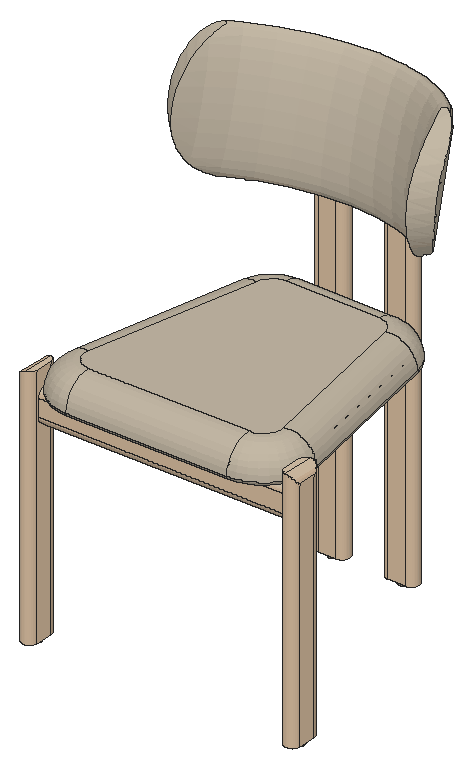
Revit family "FU_Chair_Sandler_Adora 1-1", category Furniture, Revit 2020
Family settings
  OmniClass Number = 23.40.20.00
  OmniClass Title = General Furniture and Specialties
  Work Plane-Based = No
  Always vertical = Yes
  Cut with Voids When Loaded = No
  Shared = No
  Room Calculation Point = No
Parameters (values of type "Adora 1.1")
  Width = 480 mm
  URL = "https://www.sandlerseating.com/product/adora-1-1/"
  Seat [instance] = Fabric - Mainline Flax - Upminster MLF20
  Model = "Adora 1-1"
  Manufacturer = "Sandler"
  Height = 800 mm
  Frame [instance] = Wood - Ash - Oak Stain
  Description = "Upholstered chair on wood frame"
  Depth = 500 mm
  Default Elevation = 0 mm
Reference planes
  plane 1 "Center (Front/Back)": y = 0
  plane 2: z = 0
  plane 3 "Center (Left/Right)": x = 0
  plane 4 "Right": x = -240
  plane 5 "Left": x = 240
  plane 6 "Back": y = 250
  plane 7 "Front": y = -250
  plane 8 "Height": z = 800
  plane 9 "Seat height": z = 450
  plane 10 "Leg L FRONT": x = 227
  plane 11 "FL RIGHT": y = -203.246
  plane 12 "BL RIGHT": y = 228.34
  plane 13 "BL FRONT": x = 60
  plane 14 "BR FRONT": x = -60
  plane 15 "Glide Height": z = 6
  plane 16: z = 708.019
  plane 17 "Front Frame FRONT": z = 369.94
  plane 18: y = 188.88
  plane 19: y = 123.178
  plane 20 "Back Angle RIGHT": through (4267.2, 234.258, 678.895) normal (0, 0.2419, 0.9703)
  plane 21: x = -224.394
Forms (mm)
  Sweep 1, solid, material "Wood - Ash - Oak Stain" <- "Frame"
    path origin (227, 0, 0) x (0, 0, -1) y (0, -1, 0)
      loop
        line (-6, 203.246) -> (-427.992, 203.246)
    profile "Pro_Ozo_Adora_Frame : Pro_Ozo_Adora_Frame" origin (227, -203.246, 216.996) x (0, 1, 0) y (-1, 0, 0)
      loop
        arc (-15, 13) -> (-28, 0) -> (-15, -13) r 13
        line (-15, -13) -> (15, -13)
        arc (15, -13) -> (28, 0) -> (15, 13) r 13
        line (15, 13) -> (-15, 13)
  Sweep 2, solid, material "Wood - Ash - Oak Stain" <- "Frame"
    path origin (-227, 0, 0) x (0, 0, -1) y (0, 1, 0)
      loop
        line (-6, -203.246) -> (-427.992, -203.246)
    profile "Pro_Ozo_Adora_Frame : Pro_Ozo_Adora_Frame" origin (-227, -203.246, 216.996) x (0, -1, 0) y (1, 0, 0)
      loop
        line (-15, -13) -> (15, -13)
        arc (15, -13) -> (28, 0) -> (15, 13) r 13
        line (15, 13) -> (-15, 13)
        arc (-15, 13) -> (-28, 0) -> (-15, -13) r 13
  Sweep 3, solid, material "Wood - Ash - Oak Stain" <- "Frame"
    path origin (0, 228.34, 0) x (0, 0, -1) y (1, 0, 0)
      loop
        line (-6, 60) -> (-708.019, 60)
    profile "Pro_Ozo_Adora_Frame : Pro_Ozo_Adora_Frame" origin (60, 228.34, 357.009) x (-1, 0, 0) y (0, -1, 0)
      loop
        arc (-15, 13) -> (-28, 0) -> (-15, -13) r 13
        line (-15, -13) -> (15, -13)
        arc (15, -13) -> (28, 0) -> (15, 13) r 13
        line (15, 13) -> (-15, 13)
  Sweep 4, solid, material "Wood - Ash - Oak Stain" <- "Frame"
    path origin (0, 228.34, 0) x (0, 0, -1) y (-1, 0, 0)
      loop
        line (-6, 60) -> (-708.019, 60)
    profile "Pro_Ozo_Adora_Frame : Pro_Ozo_Adora_Frame" origin (-60, 228.34, 357.009) x (-1, 0, 0) y (0, -1, 0)
      loop
        line (-15, -13) -> (15, -13)
        arc (15, -13) -> (28, 0) -> (15, 13) r 13
        line (15, 13) -> (-15, 13)
        arc (-15, 13) -> (-28, 0) -> (-15, -13) r 13
  Sweep 5, solid, material "Wood - Ash - Oak Stain" <- "Frame"
    path origin (0, 0, 369.94) x (-1, 0, 0) y (0, -1, 0)
      loop
        line (-227.5, 203.246) -> (227.5, 203.246)
    profile "Pro_Ozo_Adora_Frame : Pro_Ozo_Adora_Frame" origin (0, -203.246, 369.94) x (0, -1, 0) y (0, 0, 1)
      loop
        arc (13, 15) -> (0, 28) -> (-13, 15) r 13
        line (-13, 15) -> (-13, -15)
        arc (-13, -15) -> (0, -28) -> (13, -15) r 13
        line (13, -15) -> (13, 15)
  Sweep 6, solid, material "Wood - Ash - Oak Stain" <- "Frame"
    path origin (0, 0, 369.94) x (-1, 0, 0) y (0, -1, 0)
      loop
        line (60, -228.34) -> (139.389, 203.246)
    profile "Pro_Ozo_Adora_Frame : Pro_Ozo_Adora_Frame" origin (-99.694, 12.547, 369.94) x (0.983499, -0.180911, 0) y (0, 0, 1)
      loop
        arc (13, 15) -> (0, 28) -> (-13, 15) r 13
        line (-13, 15) -> (-13, -15)
        arc (-13, -15) -> (0, -28) -> (13, -15) r 13
        line (13, -15) -> (13, 15)
  Sweep 7, solid, material "Wood - Ash - Oak Stain" <- "Frame"
    path origin (0, 0, 369.94) x (1, 0, 0) y (0, -1, 0)
      loop
        line (60, -228.34) -> (139.389, 203.246)
    profile "Pro_Ozo_Adora_Frame : Pro_Ozo_Adora_Frame" origin (99.694, 12.547, 369.94) x (0.983499, 0.180911, 0) y (0, 0, 1)
      loop
        line (-13, 15) -> (-13, -15)
        arc (-13, -15) -> (0, -28) -> (13, -15) r 13
        line (13, -15) -> (13, 15)
        arc (13, 15) -> (0, 28) -> (-13, 15) r 13
  Extrusion 8, solid, material "Fabric - Mainline Flax - Upminster MLF20" <- "Seat"
    sketch origin (0, 0, 450) x (-1, 0, 0) y (0, -1, 0)
      loop
        line (138.428, 200) -> (-138.428, 200)
        arc (-138.428, 200) -> (-161.623, 189.027) -> (-167.849, 164.134) r 30
        line (-167.849, 164.134) -> (-109.812, -126.969)
        arc (-109.812, -126.969) -> (-99.417, -144.298) -> (-80.391, -151.104) r 30
        line (-80.391, -151.104) -> (80.391, -151.104)
        arc (80.391, -151.104) -> (99.417, -144.298) -> (109.812, -126.969) r 30
        line (109.812, -126.969) -> (167.849, 164.134)
        arc (167.849, 164.134) -> (161.623, 189.027) -> (138.428, 200) r 30
    from -53 to 0
  Extrusion 9, void
    sketch origin (-0.781, -250, -0.625) x (1, 0, 0) y (0, 0, -1)
      loop
        arc (241.044, -408.216) -> (235.571, -422.995) -> (220.995, -428.987) r 19.631
        line (220.995, -428.987) -> (220.995, -438.944) -> (251.021, -438.944) -> (251.021, -408.216) -> (241.044, -408.216)
    from 14.081 to 78.212
  Extrusion 10, void
    sketch origin (0.781, -250, -0.625) x (-1, 0, 0) y (0, 0, 1)
      loop
        line (241.044, 408.216) -> (251.021, 408.216) -> (251.021, 438.944) -> (220.995, 438.944) -> (220.995, 428.987)
        arc (220.995, 428.987) -> (235.571, 422.995) -> (241.044, 408.216) r 19.631
    from 14.081 to 78.212
  Extrusion 11, solid, material "Rubber, Black"
    sketch origin (0, 0, 0) x (1, 0, 0) y (0, 1, 0)
      loop
        circle (227, -203.246) r 8
    from 0 to 6
  Extrusion 12, solid, material "Rubber, Black"
    sketch origin (0, 0, 0) x (-1, 0, 0) y (0, -1, 0)
      loop
        circle (227, 203.246) r 8
    from 0 to 6
  Extrusion 13, solid, material "Rubber, Black"
    sketch origin (166.743, 25.094, 0) x (-1, 0, 0) y (0, -1, 0)
      loop
        circle (227, -203.246) r 8
    from 0 to 6
  Extrusion 14, solid, material "Rubber, Black"
    sketch origin (-166.743, 25.094, 0) x (1, 0, 0) y (0, 1, 0)
      loop
        circle (227, 203.246) r 8
    from 0 to 6
  Sweep 15, solid, material "Wood - Ash - Oak Stain" <- "Frame"
    path origin (0, 0, 369.94) x (-1, 0, 0) y (0, -1, 0)
      loop
        line (79.915, -123.322) -> (-80.085, -123.322)
    profile "Pro_Ozo_Adora_Frame : Pro_Ozo_Adora_Frame" origin (0.085, 123.322, 369.94) x (0, 1, 0) y (0, 0, 1)
      loop
        arc (13, 15) -> (0, 28) -> (-13, 15) r 13
        line (-13, 15) -> (-13, -15)
        arc (-13, -15) -> (0, -28) -> (13, -15) r 13
        line (13, -15) -> (13, 15)
  Sweep 16, solid, material "Fabric - Mainline Flax - Upminster MLF20" <- "Seat"
    path origin (0, 173.071, 694.151) x (0, -0.970296, 0.241922) y (1, 0, 0)
      loop
        arc (126.072, -239.845) -> (-57.413, -0.723) -> (126.072, 238.399) r 247.557
    profile "Pro_Ozo_Adora_BacktEdge : Pro_Ozo_Adora_BacktEdge" origin (-0.723, 228.779, 680.261) x (0, 0.970296, -0.241922) y (0, 0.241922, 0.970296)
      loop
        arc (1.473, -104.971) -> (5.001, -97.418) -> (6.5, -89.218) r 32.615
        line (6.5, -89.218) -> (6.5, 89.218)
        arc (6.5, 89.218) -> (5.001, 97.418) -> (1.473, 104.971) r 32.615
        spline (1.473, 104.971) -> (-6.221, 109.996) -> (-13.893, 104.373) -> (-20.802, 88.648) -> (-26.277, 64.341) -> (-29.79, 33.807) -> (-31, 0) -> (-29.79, -33.807) -> (-26.277, -64.341) -> (-20.802, -88.648) -> (-13.893, -104.373) -> (-6.221, -109.996) -> (1.473, -104.971)
  Extrusion 17, void
    sketch origin (-301.098, 395.634, 3.439) x (0.701836, 0.707107, -0.086175) y (0.121869, 0, 0.992546)
      loop
        line (-130.62, 865.273) -> (-324.397, 865.273) -> (-324.397, 572.417) -> (-130.62, 572.417) -> (-130.62, 598.019)
        spline (-130.62, 598.019) -> (-156.502, 601.767) -> (-180.62, 612.756) -> (-201.33, 630.237) -> (-217.222, 653.019) -> (-227.212, 679.548) -> (-230.62, 708.019) -> (-227.212, 736.489) -> (-217.222, 763.019) -> (-201.33, 785.8) -> (-180.62, 803.281) -> (-156.502, 814.27) -> (-130.62, 818.019)
        line (-130.62, 818.019) -> (-130.62, 865.273)
    from 153.514 to 291.931
  Extrusion 18, void
    sketch origin (301.098, 395.634, 3.439) x (-0.701836, 0.707107, -0.086175) y (0.121869, 0, -0.992546)
      loop
        line (-130.62, -865.273) -> (-130.62, -818.019)
        spline (-130.62, -818.019) -> (-156.502, -814.27) -> (-180.62, -803.281) -> (-201.33, -785.8) -> (-217.222, -763.019) -> (-227.212, -736.489) -> (-230.62, -708.019) -> (-227.212, -679.548) -> (-217.222, -653.019) -> (-201.33, -630.237) -> (-180.62, -612.756) -> (-156.502, -601.767) -> (-130.62, -598.019)
        line (-130.62, -598.019) -> (-130.62, -572.417) -> (-324.397, -572.417) -> (-324.397, -865.273) -> (-130.62, -865.273)
    from 153.514 to 291.931
  Sweep 19, solid, material "Fabric - Mainline Flax - Upminster MLF20" <- "Seat"
    path in 3D
      loop
        arc (138.428, -200, 450) -> (161.623, -189.027, 450) -> (167.849, -164.134, 450) r 30
        line (167.849, -164.134, 450) -> (109.812, 126.969, 450)
        arc (109.812, 126.969, 450) -> (99.417, 144.298, 450) -> (80.391, 151.104, 450) r 30
        line (80.391, 151.104, 450) -> (-80.391, 151.104, 450)
        arc (-80.391, 151.104, 450) -> (-99.417, 144.298, 450) -> (-109.812, 126.969, 450) r 30
        line (-109.812, 126.969, 450) -> (-167.849, -164.134, 450)
        arc (-167.849, -164.134, 450) -> (-161.623, -189.027, 450) -> (-138.428, -200, 450) r 30
        line (-138.428, -200, 450) -> (138.428, -200, 450)
    profile "Pro_Ozo_Adora_SeatEdge : Pro_Ozo_Adora_SeatEdge" origin (0, -200, 450) x (0, 1, 0) y (0, 0, 1)
      loop
        line (0, -53) -> (0, 0) -> (-1, 0)
        arc (-1, 0) -> (-35.381, -14.086) -> (-49.994, -48.246) r 49
        arc (-49.994, -48.246) -> (-48.451, -51.621) -> (-45.005, -53) r 4.995
        line (-45.005, -53) -> (0, -53)
Cuts and joins
  Extrusion 9, Extrusion 10 cuts Sweep 1
  Extrusion 10 cuts Sweep 2
  Extrusion 17, Extrusion 18 cuts Sweep 16
  joined: Extrusion 8, Sweep 19
Lines and regions (mm)
  sketch lines
    curve 1: line (-138.428, -200, 450) -> (138.428, -200, 450)
    curve 2: arc (167.849, -164.134, 450) -> (161.623, -189.027, 450) -> (138.428, -200, 450) r 30
    curve 3: line (167.849, -164.134, 450) -> (109.812, 126.969, 450)
    curve 4: arc (80.391, 151.104, 450) -> (99.417, 144.298, 450) -> (109.812, 126.969, 450) r 30
    curve 5: line (80.391, 151.104, 450) -> (-80.391, 151.104, 450)
    curve 6: arc (-109.812, 126.969, 450) -> (-99.417, 144.298, 450) -> (-80.391, 151.104, 450) r 30
    curve 7: line (-109.812, 126.969, 450) -> (-167.849, -164.134, 450)
    curve 8: arc (-138.428, -200, 450) -> (-161.623, -189.027, 450) -> (-167.849, -164.134, 450) r 30
Dimensions and locks
  equal spacing: plane 4 "Right", plane 3 "Center (Left/Right)", plane 5 "Left"
  "Width": plane 4 "Right" to plane 5 "Left"
  equal spacing: plane 6 "Back", plane 1 "Center (Front/Back)", plane 7 "Front"
  "Depth": plane 6 "Back" to plane 7 "Front"
  "Height": plane 8 "Height" to level
  plane 9 "Seat height" to level = 450 mm
  aligned and locked: level to plane 2
Automatic sketch dimensions
  Sweep 1 sketch curve to plane 11 "FL RIGHT" = 0 mm
  plane 15 "Glide Height" to Sweep 1 sketch curve = 0 mm
  Sweep 1 sketch curve to plane 9 "Seat height" = 22.008 mm
  Sweep 2 sketch curve to plane 11 "FL RIGHT" = 0 mm
  plane 15 "Glide Height" to Sweep 2 sketch curve = 0 mm
  Sweep 2 sketch curve to plane 9 "Seat height" = 22.008 mm
  Sweep 3 sketch curve to plane 13 "BL FRONT" = 0 mm
  Sweep 3 sketch curve to plane 16 = 0 mm
  Sweep 3 sketch curve to plane 15 "Glide Height" = 0 mm
  Sweep 4 sketch curve to plane 14 "BR FRONT" = 0 mm
  Sweep 4 sketch curve to plane 16 = 0 mm
  Sweep 4 sketch curve to plane 15 "Glide Height" = 0 mm
  plane 11 "FL RIGHT" to Sweep 5 sketch curve = 0 mm
  Sweep 5 sketch curve to plane 10 "Leg L FRONT" = 0.5 mm
  Sweep 5 sketch curve to plane 4 "Right" = 12.5 mm
  plane 12 "BL RIGHT" to Sweep 6 sketch curve = 0 mm
  Sweep 6 sketch curve to plane 14 "BR FRONT" = 0 mm
  plane 11 "FL RIGHT" to Sweep 6 sketch curve = 0 mm
  Sweep 6 sketch curve to plane 14 "BR FRONT" = 79.389 mm
  plane 12 "BL RIGHT" to Sweep 7 sketch curve = 0 mm
  Sweep 7 sketch curve to plane 13 "BL FRONT" = 0 mm
  plane 11 "FL RIGHT" to Sweep 7 sketch curve = 0 mm
  plane 13 "BL FRONT" to Sweep 7 sketch curve = 79.389 mm
  Extrusion 9 sketch curve to plane 10 "Leg L FRONT" = 6.786 mm
  Extrusion 9 sketch curve to plane 10 "Leg L FRONT" = 6.334 mm
  plane 5 "Left" to Extrusion 9 sketch curve = 0.263 mm
  Extrusion 9 sketch curve to Extrusion 9 sketch curve = 9.977 mm
  Extrusion 9 sketch curve to plane 17 "Front Frame FRONT" = 37.651 mm
  Extrusion 9 sketch curve to Extrusion 9 sketch curve = 1.145 mm
  plane 9 "Seat height" to Extrusion 9 sketch curve = 11.681 mm
  Extrusion 10 sketch curve to plane 4 "Right" = 19.786 mm
  Extrusion 10 sketch curve to plane 4 "Right" = 19.334 mm
  plane 4 "Right" to Extrusion 10 sketch curve = 0.263 mm
  Extrusion 10 sketch curve to Extrusion 10 sketch curve = 9.977 mm
  plane 17 "Front Frame FRONT" to Extrusion 10 sketch curve = 37.651 mm
  Extrusion 10 sketch curve to Extrusion 10 sketch curve = 1.145 mm
  Extrusion 10 sketch curve to plane 9 "Seat height" = 11.681 mm
  Extrusion 11 sketch curve to plane 10 "Leg L FRONT" = 0 mm
  plane 11 "FL RIGHT" to Extrusion 11 sketch curve = 0 mm
  plane 11 "FL RIGHT" to Extrusion 12 sketch curve = 0 mm
  plane 4 "Right" to Extrusion 12 sketch curve = 13 mm
  plane 12 "BL RIGHT" to Extrusion 13 sketch curve = 0 mm
  Extrusion 13 sketch curve to plane 14 "BR FRONT" = 0.257 mm
  plane 12 "BL RIGHT" to Extrusion 14 sketch curve = 0 mm
  plane 13 "BL FRONT" to Extrusion 14 sketch curve = 0.257 mm
  plane 3 "Center (Left/Right)" to Sweep 15 sketch curve = 80.085 mm
  Sweep 15 sketch curve to plane 18 = 65.558 mm
  Sweep 15 sketch curve to plane 14 "BR FRONT" = 19.915 mm
  Sweep 16 sketch curve to plane 3 "Center (Left/Right)" = 0.723 mm
  Sweep 16 sketch curve to plane 10 "Leg L FRONT" = 11.399 mm
  Sweep 16 sketch curve to Sweep 16 sketch curve = 64.073 mm
  Sweep 16 sketch curve to plane 4 "Right" = 0.155 mm
  Extrusion 17 sketch curve to Extrusion 17 sketch curve = 193.778 mm
  Extrusion 17 sketch curve to Extrusion 17 sketch curve = 0 mm
  Extrusion 17 sketch curve to Extrusion 17 sketch curve = 245.601 mm
  Extrusion 17 sketch curve to Extrusion 17 sketch curve = 47.255 mm
  Extrusion 17 sketch curve to Extrusion 17 sketch curve = 100 mm
  Extrusion 17 sketch curve to Extrusion 17 sketch curve = 25.601 mm
  Extrusion 18 sketch curve to Extrusion 18 sketch curve = 193.778 mm
  Extrusion 18 sketch curve to Extrusion 18 sketch curve = 0 mm
  Extrusion 18 sketch curve to Extrusion 18 sketch curve = 47.255 mm
  Extrusion 18 sketch curve to Extrusion 18 sketch curve = 292.856 mm
  Extrusion 18 sketch curve to Extrusion 18 sketch curve = 100 mm
  Extrusion 18 sketch curve to Extrusion 18 sketch curve = 110 mm
  plane 10 "Leg L FRONT" to Extrusion 8 sketch curve = 59.151 mm
  Extrusion 8 sketch curve to Extrusion 8 sketch curve = 29.421 mm  (x2)
  plane 19 to Extrusion 8 sketch curve = 3.791 mm  (x2)
  Extrusion 8 sketch curve to plane 13 "BL FRONT" = 49.812 mm
  Extrusion 8 sketch curve to plane 19 = 2.075 mm  (x2)
  Extrusion 8 sketch curve to plane 13 "BL FRONT" = 20.391 mm
  Extrusion 8 sketch curve to plane 14 "BR FRONT" = 20.391 mm
  Extrusion 8 sketch curve to plane 11 "FL RIGHT" = 3.246 mm
  Extrusion 8 sketch curve to plane 14 "BR FRONT" = 78.428 mm
  Extrusion 8 sketch curve to plane 11 "FL RIGHT" = 39.111 mm  (x2)
  radius of Extrusion 11 sketch curve = 8 mm
  radius of Extrusion 12 sketch curve = 8 mm
  radius of Extrusion 13 sketch curve = 8 mm
  radius of Extrusion 14 sketch curve = 8 mm
